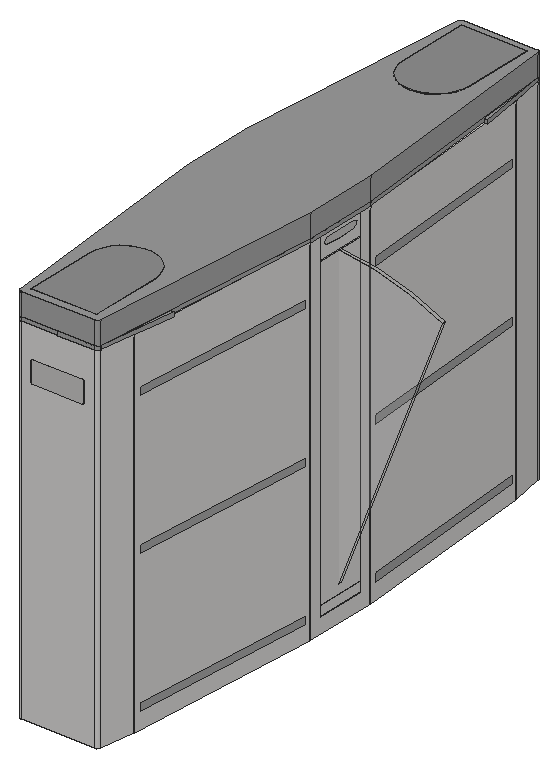
Revit family "CAME_Турникет_Скоростной_SLIDINGGATELIGHT_РаздвижнойБоковойМодуль550", category Специальное оборудование, Revit 2019
Family settings
  Размер круглого соединителя = Использовать диаметр
  Тип детали = Нормальный
  На основе рабочей плоскости = Нет
  Всегда вертикально = Да
  При загрузке вырезать с полостями = Нет
  Общий = Нет
  Точка расчета площади = Нет
Parameters
  Описание = "Боковой модуль раздвижного турникета SLIDING GATE LIGHT. Оснащен платой управления и светодиодными указателями прохода и направления."
  Изготовитель = "CAME"  # constant formula
  Группа модели = "Турникеты"
  Watermark [instance] = "Модели защищены уникальным кодом"
  URL = "https://camerussia.com"
  CAME_Тип механизма турникета = "моторизованный"  # constant formula
  CAME_Напряжение электропитания двигателя (В) = 24 V  # constant formula
  CAME_Максимальное количество проходов в минуту = "30"  # constant formula
  CAME_Класс защиты (IP) = "44"  # constant formula
  CAME_Интенсивность использования (%) = "ИНТЕНСИВНОЕ"  # constant formula
  CAME_Диапазон рабочих температур (°C) = "-20 ÷ +68"  # constant formula
  CAME_Время открывания (с) = "0.8"  # constant formula
  BL_Разработано = "support@bimlib.pro"  # constant formula
  BL_Email = "cru.info@came.com"  # constant formula
  BL_BIM library = "https://bimlib.pro/manufacturer/came/cf0b6efe-31e5-4ffa-b7ea-1d6fa84041d4/?tab=products"
  ADSK_Размер_Ширина = 600 mm  # constant formula
  ADSK_Размер_Глубина = 1465 mm  # constant formula
  ADSK_Размер_Высота = 1030 mm  # constant formula
  ADSK_Полная мощность = ADSK_Номинальная мощность / ADSK_Коэффициент мощности  # 40.625 VA
  ADSK_Обозначение = "ТУ 26.30.50-001-89603926-2021"  # constant formula
  ADSK_Номинальная мощность = 39 W  # constant formula
  ADSK_Напряжение = 230 V  # constant formula
  ADSK_Наименование краткое = "Бок. модуль турникета SLIDING GATE LIGHT, 550 мм, левый или правый"  # constant formula
  ADSK_Наименование = "Боковой модуль высокоскоростного раздвижного турникета SLIDING GATE LIGHT, ширина прохода 550 мм, левый или правый"  # constant formula
  ADSK_Масса_Текст = "109 кг"  # constant formula
  ADSK_Масса = 109  # constant formula
  ADSK_Марка = "АРТ:001SGL01S"  # constant formula
  ADSK_Коэффициент мощности = 0.96
  ADSK_Количество фаз = 1  # constant formula
  ADSK_Количество = 1  # constant formula
  ADSK_Код изделия = "Код КСР 26.30.50.119.61.2.07.09"  # constant formula
  ADSK_Классификация нагрузок = Прочее
  ADSK_Завод-изготовитель = "CAME"  # constant formula
  ADSK_Единица измерения = "шт."  # constant formula
  ADSK_Группирование = "SLIDING GATE"  # constant formula
  ADSK_Версия семейства = "1.0"  # constant formula
  ADSK_Версия Revit = "2019"  # constant formula
  ADSK_URL страницы изделия = "https://camerussia.com/product/001sgl01s/"
  ADSK_URL документации изделия = "https://camerussia.com/uploads/support/instructions/files/Инструкция%20Sliding%20Gate%20Ligtht%20SGL01-SGL02-SGL90.pdf"
Reference planes
  plane 1 "По центру (Вперед/Назад)": y = 0
  plane 2: z = 0
  plane 3 "По центру (Влево/Вправо)": x = 0
  plane 4: x = -162.5
  plane 5: x = 162.5
  plane 6: y = 732.5
  plane 7: y = -732.5
  plane 8: z = 1030
  plane 9: x = -105
  plane 10: x = 105
  plane 11: y = 100
  plane 12: y = -100
  plane 13: x = -105
  plane 14: x = 105
  plane 15: y = 100
  plane 16: y = -100
  plane 17: z = 15
  plane 18: z = 960
  plane 19: z = 70
  plane 20: z = 445
  plane 21: z = 820
  plane 22: x = 437.5
  plane 23: z = 104.92
  plane 24: z = 821.32
  plane 25: y = 632.5
  plane 26: y = -632.5
  plane 27: y = 632.5
  plane 28: y = -632.5
Forms (mm)
  Extrusion 1, solid, material "CAME_Сталь_Нержавеющая_AISI 304", detail levels medium
    sketch origin (0, 0, 0) x (1, 0, 0) y (0, 1, 0)
      loop
        arc (-105, 732.5) -> (-148.095, 417.554) -> (-162.5, 100) r 3507.5
        line (-162.5, 100) -> (-162.5, -100)
        arc (-162.5, -100) -> (-148.095, -417.554) -> (-105, -732.5) r 3507.5
        line (-105, -732.5) -> (105, -732.5)
        arc (105, -732.5) -> (148.095, -417.554) -> (162.5, -100) r 3507.5
        line (162.5, -100) -> (162.5, 100)
        arc (162.5, 100) -> (148.095, 417.554) -> (105, 732.5) r 3507.5
        line (105, 732.5) -> (-105, 732.5)
    from 0 to 1030
  Extrusion 2, solid, material "CAME_Сталь_Нержавеющая_AISI 304", detail levels fine
    sketch origin (-363.045, -1524, 15) x (-1, 0, 0) y (0, -1, 0)
      loop
        line (-200.545, -1624) -> (-200.545, -1424)
        arc (-200.545, -1424) -> (-214.574, -1110.607) -> (-256.548, -799.72) r 3507.5
        arc (-256.548, -799.72) -> (-259.977, -793.825) -> (-266.388, -791.5) r 10
        line (-266.388, -791.5) -> (-459.701, -791.5)
        arc (-459.701, -791.5) -> (-466.022, -793.751) -> (-469.497, -799.49) r 10
        line (-469.497, -799.49) -> (-484.65, -890.04)
        arc (-484.65, -890.04) -> (-483.435, -891.744) -> (-485.138, -892.96) r 1.48
        arc (-485.138, -892.96) -> (-517.157, -1156.829) -> (-525.564, -1422.5) r 2983.664
        arc (-525.564, -1422.5) -> (-524.045, -1423.99) -> (-525.545, -1425.5) r 1.5
        line (-525.545, -1425.5) -> (-525.545, -1622.5)
        arc (-525.545, -1622.5) -> (-524.045, -1624.01) -> (-525.564, -1625.5) r 1.5
        arc (-525.564, -1625.5) -> (-517.157, -1891.171) -> (-485.138, -2155.04) r 2983.664
        arc (-485.138, -2155.04) -> (-483.435, -2156.256) -> (-484.65, -2157.96) r 1.48
        line (-484.65, -2157.96) -> (-469.497, -2248.51)
        arc (-469.497, -2248.51) -> (-466.022, -2254.249) -> (-459.701, -2256.5) r 10
        line (-459.701, -2256.5) -> (-266.388, -2256.5)
        arc (-266.388, -2256.5) -> (-259.977, -2254.175) -> (-256.548, -2248.28) r 10
        arc (-256.548, -2248.28) -> (-214.574, -1937.393) -> (-200.545, -1624) r 3507.5
    from 0 to 945
  Extrusion 3, solid, material "CAME_Камень_Гранитный_SGL01", detail levels fine
    sketch origin (-925.693, -1524, 1030) x (-1, 0, 0) y (0, -1, 0)
      loop
        arc (-829.037, -2256.5) -> (-822.626, -2254.175) -> (-819.196, -2248.28) r 10
        arc (-819.196, -2248.28) -> (-777.222, -1937.393) -> (-763.193, -1624) r 3507.5
        line (-763.193, -1624) -> (-763.193, -1424)
        arc (-763.193, -1424) -> (-777.222, -1110.607) -> (-819.196, -799.72) r 3507.5
        arc (-819.196, -799.72) -> (-822.626, -793.825) -> (-829.037, -791.5) r 10
        line (-829.037, -791.5) -> (-1022.35, -791.5)
        arc (-1022.35, -791.5) -> (-1028.761, -793.825) -> (-1032.19, -799.72) r 10
        arc (-1032.19, -799.72) -> (-1074.165, -1110.607) -> (-1088.193, -1424) r 3507.5
        line (-1088.193, -1424) -> (-1088.193, -1624)
        arc (-1088.193, -1624) -> (-1074.165, -1937.393) -> (-1032.19, -2248.28) r 3507.5
        arc (-1032.19, -2248.28) -> (-1028.761, -2254.175) -> (-1022.35, -2256.5) r 10
        line (-1022.35, -2256.5) -> (-829.037, -2256.5)
    from 0 to -60
  Extrusion 4, solid, material "CAME_Стекло_Закаленное", detail levels medium+fine
    sketch origin (0, 0, 0) x (1, 0, 0) y (0, 0, 1)
      loop
        line (162.5, 104.92) -> (437.5, 821.32)
        arc (437.5, 821.32) -> (304.31, 875.725) -> (162.5, 900) r 660.492
        line (162.5, 900) -> (162.5, 104.92)
    from -5 to 5
  Extrusion 5, void
    sketch origin (162.5, 100, 0) x (-0.07587, 0.997118, 0) y (0, 0, 1)
      loop
        line (0.22, 830) -> (0.22, 810) -> (533.833, 810) -> (533.833, 830) -> (0.22, 830)
      loop
        line (0.22, 455) -> (0.22, 435) -> (533.833, 435) -> (533.833, 455) -> (0.22, 455)
      loop
        line (0.22, 80) -> (0.22, 60) -> (533.833, 60) -> (533.833, 80) -> (0.22, 80)
    from 1.5 to 20
  Extrusion 6, void
    sketch origin (162.5, -100, 0) x (0.07587, 0.997118, 0) y (0, 0, 1)
      loop
        line (-0.22, 830) -> (-533.833, 830) -> (-533.833, 810) -> (-0.22, 810) -> (-0.22, 830)
      loop
        line (-0.22, 455) -> (-533.833, 455) -> (-533.833, 435) -> (-0.22, 435) -> (-0.22, 455)
      loop
        line (-0.22, 80) -> (-533.833, 80) -> (-533.833, 60) -> (-0.22, 60) -> (-0.22, 80)
    from 1.5 to 20
  Extrusion 7, solid, material "CAME_Стекло_Закаленное_Черное", detail levels medium+fine
    sketch origin (-925.693, -1524, 1030) x (-1, 0, 0) y (0, -1, 0)
      loop
        line (-838.193, -811.5) -> (-1013.193, -811.5) -> (-1013.193, -1004)
        arc (-1013.193, -1004) -> (-925.693, -1091.5) -> (-838.193, -1004) r 87.5
        line (-838.193, -1004) -> (-838.193, -811.5)
      loop
        line (-838.193, -2236.5) -> (-838.193, -2044)
        arc (-838.193, -2044) -> (-925.693, -1956.5) -> (-1013.193, -2044) r 87.5
        line (-1013.193, -2044) -> (-1013.193, -2236.5) -> (-838.193, -2236.5)
    from 0 to 2
  Extrusion 8, solid, material "CAME_Стекло_Закаленное_Черное", detail levels medium+fine
    sketch origin (866.16, -732.5, 1200) x (1, 0, 0) y (0, 0, 1)
      loop
        arc (-931.16, -320) -> (-934.695, -321.464) -> (-936.16, -325) r 5
        line (-936.16, -325) -> (-936.16, -375)
        arc (-936.16, -375) -> (-934.695, -378.536) -> (-931.16, -380) r 5
        line (-931.16, -380) -> (-801.16, -380)
        arc (-801.16, -380) -> (-797.624, -378.536) -> (-796.16, -375) r 5
        line (-796.16, -375) -> (-796.16, -325)
        arc (-796.16, -325) -> (-797.624, -321.464) -> (-801.16, -320) r 5
        line (-801.16, -320) -> (-931.16, -320)
    from 0 to 2
  Extrusion 9, solid, material "CAME_Стекло_Закаленное_Черное", detail levels medium+fine
    sketch origin (-872.529, 732.5, 1200) x (-1, 0, 0) y (0, 0, 1)
      loop
        arc (-937.529, -320) -> (-941.064, -321.464) -> (-942.529, -325) r 5
        line (-942.529, -325) -> (-942.529, -375)
        arc (-942.529, -375) -> (-941.064, -378.536) -> (-937.529, -380) r 5
        line (-937.529, -380) -> (-807.529, -380)
        arc (-807.529, -380) -> (-803.993, -378.536) -> (-802.529, -375) r 5
        line (-802.529, -375) -> (-802.529, -325)
        arc (-802.529, -325) -> (-803.993, -321.464) -> (-807.529, -320) r 5
        line (-807.529, -320) -> (-937.529, -320)
    from 0 to 2
  Extrusion 10, solid, material "CAME_Стекло_Закаленное_Черное", detail levels fine
    sketch origin (162.5, -493.584, 1200) x (0, -1, 0) y (0, 0, 1)
      loop
        arc (-538.191, -269.625) -> (-493.584, -272.128) -> (-448.976, -269.625) r 398.858
        arc (-448.976, -269.625) -> (-439.351, -260) -> (-448.976, -250.375) r 9.625
        arc (-448.976, -250.375) -> (-493.584, -247.872) -> (-538.191, -250.375) r 398.858
        arc (-538.191, -250.375) -> (-547.816, -260) -> (-538.191, -269.625) r 9.625
    from 0 to 1.5
  Extrusion 11, void
    sketch origin (162.5, -493.584, 1200) x (0, -1, 0) y (0, 0, 1)
      loop
        line (-558.584, -240) -> (-561.584, -240) -> (-561.584, -1145) -> (-425.584, -1145) -> (-425.584, -240) -> (-428.584, -240) -> (-428.584, -297) -> (-558.584, -297) -> (-558.584, -240)
      loop
        line (-428.584, -1142) -> (-428.584, -1118) -> (-558.584, -1118) -> (-558.584, -1142) -> (-428.584, -1142)
      loop
        line (-558.584, -300) -> (-558.584, -1115) -> (-428.584, -1115) -> (-428.584, -300) -> (-558.584, -300)
      loop
        arc (-448.976, -269.625) -> (-439.351, -260) -> (-448.976, -250.375) r 9.625
        arc (-448.976, -250.375) -> (-493.584, -247.872) -> (-538.191, -250.375) r 398.858
        arc (-538.191, -250.375) -> (-547.816, -260) -> (-538.191, -269.625) r 9.625
        arc (-538.191, -269.625) -> (-493.584, -272.128) -> (-448.976, -269.625) r 398.858
    from 0 to 1.5
  Extrusion 12, solid, material "CAME_Сталь_Нержавеющая_AISI 304", detail levels fine
    sketch origin (0, 0, 0) x (1, 0, 0) y (0, 1, 0)
      loop
        circle (50, -632.5) r 25
      loop
        circle (-50, -632.5) r 25
      loop
        circle (50, 632.5) r 25
      loop
        circle (-50, 632.5) r 25
      loop
        circle (50, -232.5) r 25
      loop
        circle (-50, -232.5) r 25
      loop
        circle (50, 232.5) r 25
      loop
        circle (-50, 232.5) r 25
    from 0 to 15
  Extrusion 13, solid, material "Воздух", detail levels fine
    sketch origin (349.639, -1524, 960) x (0, -1, 0) y (-1, 0, 0)
      loop
        arc (-799.72, 456.136) -> (-1110.607, 498.11) -> (-1424, 512.139) r 3507.5
        line (-1424, 512.139) -> (-1624, 512.139)
        arc (-1624, 512.139) -> (-1937.393, 498.11) -> (-2248.28, 456.136) r 3507.5
        arc (-2248.28, 456.136) -> (-2254.175, 452.706) -> (-2256.5, 446.295) r 10
        line (-2256.5, 446.295) -> (-2256.5, 252.982)
        arc (-2256.5, 252.982) -> (-2254.175, 246.571) -> (-2248.28, 243.142) r 10
        arc (-2248.28, 243.142) -> (-1937.393, 201.167) -> (-1624, 187.139) r 3507.5
        line (-1624, 187.139) -> (-1424, 187.139)
        arc (-1424, 187.139) -> (-1110.607, 201.167) -> (-799.72, 243.142) r 3507.5
        arc (-799.72, 243.142) -> (-793.825, 246.571) -> (-791.5, 252.982) r 10
        line (-791.5, 252.982) -> (-791.5, 446.295)
        arc (-791.5, 446.295) -> (-793.825, 452.706) -> (-799.72, 456.136) r 10
    from -10 to 0
  Extrusion 14, solid, material "Индикатор синий", detail levels fine
    sketch origin (349.639, -1524, 960) x (0, -1, 0) y (-1, 0, 0)
      loop
        line (-791.5, 349.639) -> (-1004, 349.639) -> (-1004, 212.376)
        arc (-1004, 212.376) -> (-901.634, 226.254) -> (-799.72, 243.142) r 3507.5
        arc (-799.72, 243.142) -> (-793.825, 246.571) -> (-791.5, 252.982) r 10
        line (-791.5, 252.982) -> (-791.5, 349.639)
      loop
        line (-2044, 212.376) -> (-2044, 349.639) -> (-2256.5, 349.639) -> (-2256.5, 252.982)
        arc (-2256.5, 252.982) -> (-2254.175, 246.571) -> (-2248.28, 243.142) r 10
        arc (-2248.28, 243.142) -> (-2146.366, 226.254) -> (-2044, 212.376) r 3507.5
    from -10 to 0
Cuts and joins
  Extrusion 5, Extrusion 6, Extrusion 11 cuts Extrusion 2
Lines and regions (mm)
  reference lines
    curve 1: line (162.5, 100, 0) -> (122.094, 631.04, 0)
    curve 2: line (162.5, -100, 0) -> (122.094, -631.04, 0)
  model lines, style "CAME", detail levels coarse
    curve 3: line (-162.5, 732.5, 0) -> (162.5, 732.5, 0)
    curve 4: line (-162.5, -732.5, 0) -> (-162.5, 732.5, 0)
    curve 5: line (162.5, -732.5, 0) -> (-162.5, -732.5, 0)
    curve 6: line (162.5, 732.5, 0) -> (162.5, -732.5, 0)
    curve 7: line (162.5, 0, 0) -> (437.5, 0, 0)
Dimensions and locks
  locked: plane 4 to plane 5 at 325
  equal spacing: plane 7, plane 1 "По центру (Вперед/Назад)", plane 6
  "ADSK_Размер_Глубина": plane 7 to plane 6
  equal spacing: plane 4, plane 3 "По центру (Влево/Вправо)", plane 5
  "ADSK_Размер_Высота": plane 8 to plane 2
  plane 9 to plane 3 "По центру (Влево/Вправо)" to plane 10 = 105 mm locked, 105 mm locked
  plane 12 to plane 1 "По центру (Вперед/Назад)" to plane 11 = 100 mm locked, 100 mm locked
  plane 13 to plane 3 "По центру (Влево/Вправо)" to plane 14 = 105 mm locked, 105 mm locked
  plane 15 to plane 1 "По центру (Вперед/Назад)" to plane 16 = 100 mm locked, 100 mm locked
  locked: plane 17 to plane 2 at 15
  locked: plane 8 to plane 18 at 70
  plane 21 to plane 20 to plane 19 to plane 2 = 375 mm locked, 375 mm locked, 70 mm locked
  "ADSK_Размер_Ширина": plane 4 to plane 22
  locked: plane 25 to plane 6 at 100
  locked: plane 7 to plane 26 at 100
  locked: plane 7 to plane 28 at 100
  locked: plane 27 to plane 6 at 100
  Extrusion 5 sketch curve to plane 21 to Extrusion 5 sketch curve = 10 mm locked, 10 mm locked
  Extrusion 5 sketch curve to plane 20 to Extrusion 5 sketch curve = 10 mm locked, 10 mm locked
  Extrusion 5 sketch curve to plane 19 to Extrusion 5 sketch curve = 10 mm locked, 10 mm locked
  Extrusion 6 sketch curve to plane 21 to Extrusion 6 sketch curve = 10 mm locked, 10 mm locked
  Extrusion 6 sketch curve to plane 20 to Extrusion 6 sketch curve = 10 mm locked, 10 mm locked
  Extrusion 6 sketch curve to plane 19 to Extrusion 6 sketch curve = 10 mm locked, 10 mm locked
  plane 7 to Extrusion 7 sketch curve to Extrusion 7 sketch curve = 20 mm locked, 192.5 mm locked
  Extrusion 7 sketch curve to plane 3 "По центру (Влево/Вправо)" to Extrusion 7 sketch curve = 87.5 mm locked, 87.5 mm locked
  plane 6 to Extrusion 7 sketch curve to Extrusion 7 sketch curve = 20 mm locked, 192.5 mm locked
  plane 8 to Extrusion 8 sketch curve to Extrusion 8 sketch curve = 150 mm locked, 60 mm locked
  Extrusion 8 sketch curve to plane 3 "По центру (Влево/Вправо)" to Extrusion 8 sketch curve = 70 mm locked, 70 mm locked
  Extrusion 11 sketch curve to Extrusion 11 sketch curve to plane 1 "По центру (Вперед/Назад)" to Extrusion 11 sketch curve to Extrusion 11 sketch curve = 3 mm locked, 65 mm locked, 65 mm locked, 3 mm locked
  locked: Extrusion 11 sketch curve to Extrusion 11 sketch curve at 3
  Extrusion 11 sketch curve to Extrusion 11 sketch curve to plane 19 to Extrusion 11 sketch curve to Extrusion 11 sketch curve = 3 mm locked, 12 mm locked, 12 mm locked, 3 mm locked
  Extrusion 12 sketch curve to plane 3 "По центру (Влево/Вправо)" to Extrusion 12 sketch curve = 50 mm locked, 50 mm locked  (x4)
  locked: Extrusion 12 sketch curve to plane 6 at 500
  locked: plane 6 to Extrusion 12 sketch curve at 500
  locked: plane 7 to Extrusion 12 sketch curve at 500  (x2)
  locked: plane 8 to plane 24 at 208.68
  locked: plane 23 to plane 2 at 104.92
  radius of Extrusion 2 sketch curve = 10 mm  (x4)
  radius of Extrusion 8 sketch curve = 5 mm  (x4)
  aligned and locked: level to plane 2
  aligned and locked: Extrusion 1 sketch curve to plane 6
  aligned and locked: plane 7 to Extrusion 1 sketch curve
  aligned and locked: Extrusion 1 sketch curve to plane 5
  aligned and locked: plane 11 to Extrusion 1 sketch curve  (x2)
  aligned and locked: plane 12 to Extrusion 1 sketch curve  (x2)
  aligned and locked: Extrusion 1 sketch curve to plane 4
  aligned and locked: plane 8 to Extrusion 1
  aligned and locked: Extrusion 1 to Extrusion 2 sketch curve  (x2)
  aligned and locked: Extrusion 2 sketch curve to Extrusion 1
  aligned and locked: Extrusion 2 to plane 18
  aligned and locked: plane 22 to Extrusion 4 sketch curve
  aligned and locked: plane 24 to Extrusion 4 sketch curve
  aligned and locked: Extrusion 4 sketch curve to plane 5
  aligned and locked: plane 23 to Extrusion 4 sketch curve
  aligned and locked: curve 3 to plane 6
  aligned and locked: curve 5 to plane 7
  aligned and locked: plane 4 to curve 4
  aligned and locked: plane 5 to curve 6
  aligned and locked: plane 1 "По центру (Вперед/Назад)" to curve 7
  aligned and locked: plane 22 to curve 7
  aligned and locked: Extrusion 7 sketch curve to Extrusion 7 sketch curve  (x2)
  aligned and locked: Extrusion 9 sketch curve to Extrusion 8  (x4)
  aligned and locked: Extrusion 11 sketch curve to plane 18
  aligned and locked: plane 18 to Extrusion 11 sketch curve
  aligned and locked: Extrusion 11 sketch curve to Extrusion 4
  aligned and locked: Extrusion 11 sketch curve to Extrusion 11 sketch curve  (x4)
  aligned and locked: Extrusion 11 sketch curve to Extrusion 10  (x4)
  aligned and locked: plane 28 to Extrusion 12 sketch curve  (x2)
  aligned and locked: plane 27 to Extrusion 12 sketch curve  (x2)
  aligned and locked: Extrusion 13 sketch curve to Extrusion 3  (x8)
  aligned and locked: Extrusion 14 sketch curve to Extrusion 3  (x4)
Automatic sketch dimensions
  Extrusion 1 sketch curve to plane 9 = 0 mm  (x2)
  Extrusion 1 sketch curve to plane 10 = 0 mm  (x2)
  plane 15 to Extrusion 2 sketch curve = 0 mm
  Extrusion 2 sketch curve to plane 5 = 0 mm
  plane 25 to Extrusion 2 sketch curve = 0 mm
  plane 26 to Extrusion 2 sketch curve = 0 mm
  Extrusion 2 sketch curve to plane 15 = 0 mm
  plane 16 to Extrusion 2 sketch curve = 0 mm
  Extrusion 2 sketch curve to Extrusion 2 sketch curve = 0 mm  (x4)
  Extrusion 2 sketch curve to plane 14 = 16.85 mm  (x2)
  plane 26 to Extrusion 2 sketch curve = 1.46 mm
  Extrusion 2 sketch curve to Extrusion 2 sketch curve = 0.244 mm  (x2)
  Extrusion 2 sketch curve to plane 25 = 1.46 mm
  Extrusion 2 sketch curve to plane 14 = 1.453 mm  (x2)
  Extrusion 2 sketch curve to Extrusion 2 sketch curve = 9.796 mm  (x2)
  plane 13 to Extrusion 2 sketch curve = 8.343 mm  (x2)
  plane 16 to Extrusion 2 sketch curve = 40.053 mm
  Extrusion 2 sketch curve to plane 4 = 2658.395 mm
  plane 15 to Extrusion 2 sketch curve = 40.053 mm
  Extrusion 2 sketch curve to Extrusion 2 sketch curve = 1.5 mm  (x2)
  Extrusion 2 sketch curve to plane 5 = 0.02 mm  (x2)
  curve 2 to plane 5 = 0 mm
  curve 1 to plane 5 = 0 mm
  plane 16 to curve 2 = 0 mm
  curve 1 to plane 15 = 0 mm
  curve 2 to plane 28 = 1.46 mm
  curve 2 to plane 14 = 17.094 mm
  plane 27 to curve 1 = 1.46 mm
  curve 1 to plane 14 = 17.094 mm
  plane 16 to Extrusion 3 sketch curve = 0 mm
  plane 15 to Extrusion 3 sketch curve = 0 mm
  Extrusion 3 sketch curve to plane 5 = 0 mm
  Extrusion 3 sketch curve to plane 6 = 0 mm
  plane 7 to Extrusion 3 sketch curve = 0 mm
  Extrusion 3 sketch curve to plane 4 = 0 mm
  Extrusion 3 sketch curve to plane 16 = 0 mm
  Extrusion 3 sketch curve to plane 15 = 0 mm
  Extrusion 3 sketch curve to plane 22 = 2907.5 mm
  Extrusion 3 sketch curve to Extrusion 3 sketch curve = 0 mm  (x2)
  plane 14 to Extrusion 3 sketch curve = 8.343 mm  (x2)
  plane 13 to Extrusion 3 sketch curve = 8.343 mm  (x2)
  Extrusion 3 sketch curve to plane 4 = 3182.5 mm
  Extrusion 3 sketch curve to plane 6 = 10 mm
  Extrusion 3 sketch curve to Extrusion 3 sketch curve = 10 mm  (x2)
  Extrusion 3 sketch curve to plane 7 = 10 mm
  curve 1 to Extrusion 5 sketch curve = 0.22 mm  (x3)
  curve 1 to Extrusion 5 sketch curve = 1.258 mm  (x3)
  Extrusion 6 sketch curve to curve 2 = 1.258 mm  (x3)
  Extrusion 6 sketch curve to curve 2 = 0.22 mm  (x3)
  plane 1 "По центру (Вперед/Назад)" to Extrusion 10 sketch curve = 0 mm  (x2)
  plane 18 to Extrusion 10 sketch curve = 20 mm
  plane 1 "По центру (Вперед/Назад)" to Extrusion 10 sketch curve = 44.607 mm
  Extrusion 10 sketch curve to plane 20 = 108.269 mm
  plane 8 to Extrusion 10 sketch curve = 296.731 mm
  Extrusion 10 sketch curve to Extrusion 10 sketch curve = 9.625 mm
  Extrusion 10 sketch curve to plane 1 "По центру (Вперед/Назад)" = 44.607 mm
  Extrusion 14 sketch curve to plane 3 "По центру (Влево/Вправо)" = 0 mm  (x2)
  plane 27 to Extrusion 14 sketch curve = 112.5 mm
  Extrusion 14 sketch curve to plane 28 = 112.5 mm
  Extrusion 4 sketch curve to plane 14 = 17.627 mm
  Extrusion 4 sketch curve to plane 23 = 135.792 mm
  radius of Extrusion 12 sketch curve = 25 mm  (x8)
Connectors
  electrical at (0, 0, 0), driven by "ADSK_Количество фаз", driven by "ADSK_Напряжение", driven by "ADSK_Полная мощность", driven by "ADSK_Коэффициент мощности"
    settings: on Extrusion 1, index 1, voltage 230 V, apparent load 0 VA, apparent load phase1 40.625 VA, apparent load phase2 0 VA, apparent load phase3 0 VA, power factor 0.96, load classification "Прочее", number of poles 1, system type 31, power factor state 1, is connector primary yes, connector utility no, sub classification motor no, connector description ""
